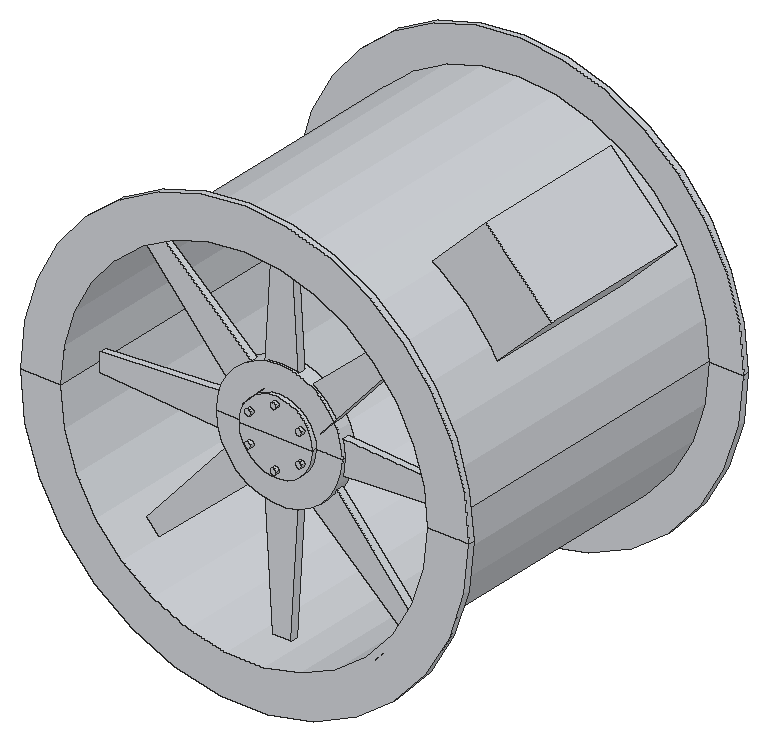
Revit family "CADS_Vent-Axia_MechEquip_Fan_LCA_315_3Ph2P - SUPPLY", category Mechanical Equipment, Revit 2020
Family settings
  Round Connector Dimension = Use Diameter
  Part Type = Normal
  OmniClass Number = 23.75.00.00
  OmniClass Title = Climate Control (HVAC)
  Work Plane-Based = No
  Always vertical = Yes
  Cut with Voids When Loaded = No
  Shared = No
  Room Calculation Point = No
Parameters (values of type "LCA313210")
  nr = NominalDiameter / 2  # 157.5 mm
  WorkingPressure = 0.0 Pa
  WarrantyStartDate [instance] = "1900-12-31T23:59:59"
  WarrantyPeriod = ""
  WarrantyIdentifier = "N/A"
  WarrantyGuarantorParts = "tech@vent-axia.com"
  WarrantyGuarantorLabor = "tech@vent-axia.com"
  WarrantyGuarantor = "Vent-Axia Limited"
  WarrantyEndDate [instance] = "1900-12-31T23:59:59"
  WarrantyContent = ""
  TemperatureRange = ""
  TagNumber [instance] = "N/A"
  SustainabilityPerformance = ""
  Status = "New"
  Size = ""
  Shape = ""
  ServiceLifeType = ""
  ServiceLifeDuration = ""
  SerialNumber [instance] = "N/A"
  ReplacementCost = ""
  RatedVoltage = 0 V
  RatedCurrent = 0 A
  Quantity = 1
  ProductionYear = ""
  PressureCurve = ""
  PowerFactor = ""
  PointOfContact = ""
  NumberOfPoles = 0
  NominalWidth = 315 mm
  NominalLength = 300 mm
  NominalHeight = 315 mm
  NominalFrequencyRange = ""
  NominalDiameter = 315 mm
  ModelReference = "LCAX 315mm 3PH 2P 10DEG"
  ModelNumber = "LCA313210"
  Material = ""
  ManufacturerE-Mail = "tech@vent-axia.com"
  ManufacturerAddress = "Fleming Way\nCrawley \nRH10 9YX"
  IsExtendedWarranty = no
  InsulationStandardClass = ""
  InstallationDate [instance] = "1900-12-31T23:59:59"
  IfcExportType [instance] = ""
  IfcExportAs = "IfcFanType"
  IP_Code = ""
  HasProtectiveEarth = no
  GrossWeight = 0.00 kg
  Grade = ""
  GlobalTradeItemNumber [instance] = "N/A"
  Fitting Type = "Ignore"
  Finish = ""
  Features = ""
  ExteriorInsulation = no
  ExpectedServiceLife = 0
  Exclusions = ""
  DurationUnit = "Year"
  Default Elevation = 0 mm
  Constituents = ""
  ConductorFunction = ""
  Color = ""
  CodePerformance = ""
  Category = ""
  CADS_Usage = 0
  CADS_Index = 0
  AssetType = "FIXED"
  AssetIdentifier [instance] = "N/A"
  AssemblyPlace = "UNKNOWN"
  ArticleNumber [instance] = "N/A"
  AirflowRateRange = 0.0 L/s
  Air Flow [instance] = 0.0 L/s
  AccessibilityPerformance = ""
Types (15, lengths in mm): name | ModelReference | ModelNumber
  LCA313210 | "LCAX 315mm 3PH 2P 10DEG" | "LCA313210"
  LCA313212 | "LCAX 315mm 3PH 2P 12DEG" | "LCA313212"
  LCA313214 | "LCAX 315mm 3PH 2P 14DEG" | "LCA313214"
  LCA313216 | "LCAX 315mm 3PH 2P 16DEG" | "LCA313216"
  LCA313218 | "LCAX 315mm 3PH 2P 18DEG" | "LCA313218"
  LCA313220 | "LCAX 315mm 3PH 2P 20DEG" | "LCA313220"
  LCA313222 | "LCAX 315mm 3PH 2P 22DEG" | "LCA313222"
  LCA313224 | "LCAX 315mm 3PH 2P 24DEG" | "LCA313224"
  LCA313226 | "LCAX 315mm 3PH 2P 26DEG" | "LCA313226"
  LCA313228 | "LCAX 315mm 3PH 2P 28DEG" | "LCA313228"
  LCA313230 | "LCAX 315mm 3PH 2P 30DEG" | "LCA313230"
  LCA313232 | "LCAX 315mm 3PH 2P 32DEG" | "LCA313232"
  LCA313234 | "LCAX 315mm 3PH 2P 34DEG" | "LCA313234"
  LCA313236 | "LCAX 315mm 3PH 2P 36DEG" | "LCA313236"
  LCA313238 | "LCAX 315mm 3PH 2P 38DEG" | "LCA313238"
Reference planes
  plane 1 "Center (Front/Back)": y = 0
  plane 2: z = 0
  plane 3 "Center (Left/Right)": x = 0
  plane 4: x = -157.5
  plane 5: x = 157.5
  plane 6 "F": y = -150
  plane 7 "B": y = 150
  plane 8: x = -192.5
  plane 9: y = 145
  plane 10: y = -145
  plane 11: x = -162.5
  plane 12: y = -110
  plane 13 "top": z = 157.5
  plane 14: z = -157.5
  plane 15 "45deg": through (0, -1524, 0) normal (-0.7071, 0, -0.7071)
  plane 16 "C": through (0, -1524, 0) normal (-0.7071, 0, 0.7071)
Forms (mm)
  Revolve 1, solid
    sketch origin (0, 0, 0) x (1, 0, 0) y (0, 1, 0)
      loop
        line (-192.5, -150) -> (-157.5, -150) -> (-157.5, 150) -> (-192.5, 150) -> (-192.5, 145) -> (-162.5, 145) -> (-162.5, -145) -> (-192.5, -145) -> (-192.5, -150)
      axis (0, 150) -> (0, -150)
    angle from 0 to 360
  Sweep 2, solid
    path origin (0, 0, 0) x (1, 0, 0) y (0, 0, 1)
      loop
        line (111.369, 111.369) -> (157.331, 157.331)
    profile origin (134.35, 0, 134.35) x (-0.707107, 0, 0.707107) y (0, -1, 0)
      loop
        line (37.5, 55) -> (-42.73, 55) -> (-42.73, -79.5) -> (37.5, -79.5) -> (37.5, 55)
Dimensions and locks
  equal spacing: plane 4, plane 3 "Center (Left/Right)", plane 5
  equal spacing: plane 7 "B", plane 1 "Center (Front/Back)", plane 6 "F"
  "NominalLength": plane 7 "B" to plane 6 "F"
  "NominalDiameter": plane 4 to plane 5
  locked: plane 11 to plane 4 at 5
  locked: plane 8 to plane 11 at 30
  locked: plane 6 "F" to plane 10 at 5
  locked: plane 7 "B" to plane 9 at 5
  locked: plane 6 "F" to plane 12 at 40
  equal spacing: plane 13 "top", level, plane 14
  "NominalDiameter": plane 13 "top" to plane 14
  "nr": Sweep 2 sketch curve to nested 13
  Sweep 2 sketch curve to Sweep 2 sketch curve = 65 mm
  aligned and locked: level to plane 2
  aligned and locked: nested 1 to plane 12
Automatic sketch dimensions
  plane 6 "F" to Revolve 1 sketch curve = 0 mm
  Revolve 1 sketch curve to plane 8 = 0 mm  (x2)
  plane 10 to Revolve 1 sketch curve = 0 mm
  Revolve 1 sketch curve to plane 11 = 0 mm
  Revolve 1 sketch curve to plane 4 = 0 mm
  Revolve 1 sketch curve to plane 3 "Center (Left/Right)" = 0 mm
  plane 1 "Center (Front/Back)" to Revolve 1 sketch curve = 0 mm
  Revolve 1 sketch curve to plane 9 = 0 mm
  Revolve 1 sketch curve to plane 7 "B" = 0 mm
  plane 6 "F" to Revolve 1 sketch curve = 115 mm
  plane 1 "Center (Front/Back)" to Sweep 2 sketch curve = 55 mm
  Sweep 2 sketch curve to profile plane = 37.5 mm
  Sweep 2 sketch curve to Sweep 2 sketch curve = 80.23 mm
  Sweep 2 sketch curve to Sweep 2 sketch curve = 134.5 mm
  Sweep 2 sketch curve to plane 16 "C" = 0 mm  (x2)
Nested families
  nested 1: "Fan for ESC" at (0, -110, 0), ND <- "NominalDiameter", type "Fan for ESC"
    with hub 31.5 mm, ND 315 mm, BoltPCD 25.2 mm, Bolt Count 6, B_Diam 5 mm
  nested 2: "Bolts" at (21.824, -119.172, -12.6) x (-0.5, 0, -0.866) z (0, 1, 0), type "Bolts"
    with bd 5 mm
  nested 3: "Bolts" at (0, -119.172, -25.2) x (-1, 0, 0) z (0, 1, 0), type "Bolts"
    with bd 5 mm
  nested 4: "Bolts" at (-21.824, -119.172, -12.6) x (-0.5, 0, 0.866) z (0, 1, 0), type "Bolts"
    with bd 5 mm
  nested 5: "Bolts" at (-21.824, -119.172, 12.6) x (0.5, 0, 0.866) z (0, 1, 0), type "Bolts"
    with bd 5 mm
  nested 6: "Bolts" at (21.824, -119.172, 12.6) x (0.5, 0, -0.866) z (0, 1, 0), type "Bolts"
    with bd 5 mm
  nested 7: "Bolts" at (0, -119.172, 25.2) x (1, 0, 0) z (0, 1, 0), type "Bolts"
    with bd 5 mm
  nested 8: "ESC Blade" at (0, -110, 0), type "ESC Blade"
    with a 20.00°, HR 31.5 mm, HD 63 mm, BT 15.75 mm, BR 126 mm, BH 40 mm, BD 315 mm, BB 31.5 mm
  nested 9: "ESC Blade" at (0, -110, 0) x (0.7071, 0, -0.7071) z (0.7071, 0, 0.7071), type "ESC Blade"
    with a 20.00°, HR 31.5 mm, HD 63 mm, BT 15.75 mm, BR 126 mm, BH 40 mm, BD 315 mm, BB 31.5 mm
  nested 10: "ESC Blade" at (0, -110, 0) x (0, 0, -1) z (1, 0, 0), type "ESC Blade"
    with a 20.00°, HR 31.5 mm, HD 63 mm, BT 15.75 mm, BR 126 mm, BH 40 mm, BD 315 mm, BB 31.5 mm
  nested 11: "ESC Blade" at (0, -110, 0) x (-0.7071, 0, -0.7071) z (0.7071, 0, -0.7071), type "ESC Blade"
    with a 20.00°, HR 31.5 mm, HD 63 mm, BT 15.75 mm, BR 126 mm, BH 40 mm, BD 315 mm, BB 31.5 mm
  nested 12: "ESC Blade" at (0, -110, 0) x (-1, 0, 0) z (0, 0, -1), type "ESC Blade"
    with a 20.00°, HR 31.5 mm, HD 63 mm, BT 15.75 mm, BR 126 mm, BH 40 mm, BD 315 mm, BB 31.5 mm
  nested 13: "ESC Blade" at (0, -110, 0) x (-0.7071, 0, -0.7071) z (-0.7071, 0, 0.7071), type "ESC Blade"
    with a 20.00°, HR 31.5 mm, HD 63 mm, BT 15.75 mm, BR 126 mm, BH 40 mm, BD 315 mm, BB 31.5 mm
  nested 14: "ESC Blade" at (0, -110, 0) x (0, 0, -1) z (-1, 0, 0), type "ESC Blade"
    with a 20.00°, HR 31.5 mm, HD 63 mm, BT 15.75 mm, BR 126 mm, BH 40 mm, BD 315 mm, BB 31.5 mm
  nested 15: "ESC Blade" at (0, -110, 0) x (0.7071, 0, -0.7071) z (-0.7071, 0, -0.7071), type "ESC Blade"
    with a 20.00°, HR 31.5 mm, HD 63 mm, BT 15.75 mm, BR 126 mm, BH 40 mm, BD 315 mm, BB 31.5 mm
Connectors
  hvac at (0, -150, 0), driven by "NominalDiameter", driven by "Air Flow"
    settings: on Revolve 1, index 1, duct flow 0.0 L/s, flow factor 0, pres drop 0.0 Pa, loss coef 0, conn angle 0.00°, conn width 304.8 mm, conn height 304.8 mm, conn diameter 315 mm, duct sys type 1, conn prof type 0, flow config 1, flow direction 1, loss method 0, conn ref index -1, conn util no, is conn primary yes, conn desc ""
  hvac at (0, 150, 0), driven by "NominalDiameter", driven by "Air Flow"
    settings: on Revolve 1, index 2, duct flow 0.0 L/s, flow factor 0, pres drop 0.0 Pa, loss coef 0, conn angle 0.00°, conn width 304.8 mm, conn height 304.8 mm, conn diameter 315 mm, duct sys type 1, conn prof type 0, flow config 0, flow direction 2, loss method 0, conn ref index -1, conn util no, is conn primary no, conn desc ""
Definition of nested family "Fan for ESC"
  Parameters (values of type "Fan for ESC")
    hub [instance] = ND / 10  # 56.7 mm
    ND [instance] = 567 mm
    Model = "."
    Default Elevation = 0 mm
    BoltPCD [instance] = hub - (hub * 0.2)  # 45.36 mm
    Bolt Count [instance] = if(hub < 50 mm, 6, 8)  # 8
    B_Diam [instance] = if(hub < 50 mm, 5 mm, 10 mm)  # 10 mm
  Reference planes
    plane 1 "Center (Front/Back)": y = 0
    plane 2: z = 0
    plane 3 "Center (Left/Right)": x = 0
    plane 4 "back": y = 20
    plane 5 "bolts": y = -9.172
    plane 6 "B": z = 56.7
    plane 7: x = -79.287
    plane 8: x = -56.7
    plane 9 "hubface": y = -6.172
  Forms (mm)
    Revolve 1, solid
      sketch origin (0, 0, 0) x (1, 0, 0) y (0, 1, 0)
        loop
          line (0, 20) -> (-56.7, 20) -> (-56.7, 10.504) -> (-79.287, 10.504) -> (-79.287, -2.597) -> (-56.7, -2.597) -> (-56.7, -6.172) -> (0, -6.172) -> (0, 20)
        axis (0, 20) -> (0, -6.172)
      angle from 0 to 360
    Extrusion 2, solid, not visible
      sketch origin (0, -6.347, -4) x (-1, 0, 0) y (0, 0, 1)
        loop
          circle (0, 84) r 5
      from 0 to 3
  Lines and regions (mm)
    symbolic lines
      curve 1: circle (0, -9.172, 0) r 45.36 normal (0, 1, 0)
    model lines, not visible
      curve 2: line (0, -6.347, 85) -> (0, -6.347, 75)
  Dimensions and locks
    "hub": plane 6 "B" to plane 2
    "hub": nested 3 to plane 3 "Center (Left/Right)"
    "hub": nested 4 to plane 3 "Center (Left/Right)"
    "hub": nested 5 to plane 3 "Center (Left/Right)"
    "hub": plane 3 "Center (Left/Right)" to nested 6
    "hub": Revolve 1 sketch curve to Revolve 1 sketch curve
    "hub": plane 3 "Center (Left/Right)" to nested 7
    "hub": plane 3 "Center (Left/Right)" to nested 8
    "hub": plane 3 "Center (Left/Right)" to nested 9
    "hub": plane 8 to plane 3 "Center (Left/Right)"
    plane 7 to plane 8 = 22.587 mm
    diameter of Extrusion 2 sketch curve = 10 mm
    "BoltPCD": radius of curve 1
    "BoltPCD": radius of radial array
    aligned and locked: level to plane 2
    aligned and locked: plane 6 "B" to nested 1
  Automatic sketch dimensions
    Revolve 1 sketch curve to plane 7 = 0 mm
    Revolve 1 sketch curve to plane 8 = 0 mm  (x2)
    Revolve 1 sketch curve to plane 3 "Center (Left/Right)" = 0 mm
    Revolve 1 sketch curve to plane 9 "hubface" = 0 mm
    plane 4 "back" to Revolve 1 sketch curve = 0 mm
    plane 1 "Center (Front/Back)" to Revolve 1 sketch curve = 2.597 mm
    plane 4 "back" to Revolve 1 sketch curve = 9.496 mm
    Revolve 1 sketch curve to Revolve 1 sketch curve = 5 mm
    Revolve 1 sketch curve to plane 4 "back" = 45 mm
    curve 1 to level = 0 mm
    curve 1 to plane 3 "Center (Left/Right)" = 0 mm
  Nested families
    nested 1: "ESC Blade" at (0, 0, 0), BD <- "ND", HD <- "hub", type "ESC Blade"
      with a 20.00°, HR 56.7 mm, HD 113.4 mm, BT 28.35 mm, BR 226.8 mm, BH 40 mm, BD 567 mm, BB 56.7 mm
    nested 2: "ESC Blade" at (0, 0, 755), BD <- "ND", HD <- "hub", type "ESC Blade", not visible
      with a 20.00°, HR 56.7 mm, HD 113.4 mm, BT 28.35 mm, BR 226.8 mm, BH 40 mm, BD 567 mm, BB 56.7 mm
    nested 3: "ESC Blade" at (0, 0, 0) x (0.7071, 0, -0.7071) z (0.7071, 0, 0.7071), BD <- "ND", HD <- "hub", type "ESC Blade"
      with a 20.00°, HR 56.7 mm, HD 113.4 mm, BT 28.35 mm, BR 226.8 mm, BH 40 mm, BD 567 mm, BB 56.7 mm
    nested 4: "ESC Blade" at (0, 0, 0) x (0, 0, -1) z (1, 0, 0), BD <- "ND", HD <- "hub", type "ESC Blade"
      with a 20.00°, HR 56.7 mm, HD 113.4 mm, BT 28.35 mm, BR 226.8 mm, BH 40 mm, BD 567 mm, BB 56.7 mm
    nested 5: "ESC Blade" at (0, 0, 0) x (-0.7071, 0, -0.7071) z (0.7071, 0, -0.7071), BD <- "ND", HD <- "hub", type "ESC Blade"
      with a 20.00°, HR 56.7 mm, HD 113.4 mm, BT 28.35 mm, BR 226.8 mm, BH 40 mm, BD 567 mm, BB 56.7 mm
    nested 6: "ESC Blade" at (0, 0, 0) x (-1, 0, 0) z (0, 0, -1), BD <- "ND", HD <- "hub", type "ESC Blade"
      with a 20.00°, HR 56.7 mm, HD 113.4 mm, BT 28.35 mm, BR 226.8 mm, BH 40 mm, BD 567 mm, BB 56.7 mm
    nested 7: "ESC Blade" at (0, 0, 0) x (-0.7071, 0, -0.7071) z (-0.7071, 0, 0.7071), BD <- "ND", HD <- "hub", type "ESC Blade"
      with a 20.00°, HR 56.7 mm, HD 113.4 mm, BT 28.35 mm, BR 226.8 mm, BH 40 mm, BD 567 mm, BB 56.7 mm
    nested 8: "ESC Blade" at (0, 0, 0) x (0, 0, -1) z (-1, 0, 0), BD <- "ND", HD <- "hub", type "ESC Blade"
      with a 20.00°, HR 56.7 mm, HD 113.4 mm, BT 28.35 mm, BR 226.8 mm, BH 40 mm, BD 567 mm, BB 56.7 mm
    nested 9: "ESC Blade" at (0, 0, 0) x (0.7071, 0, -0.7071) z (-0.7071, 0, -0.7071), BD <- "ND", HD <- "hub", type "ESC Blade"
      with a 20.00°, HR 56.7 mm, HD 113.4 mm, BT 28.35 mm, BR 226.8 mm, BH 40 mm, BD 567 mm, BB 56.7 mm
    nested 10: "Bolts" at (0, -9.172, 45.36) x (1, 0, 0) z (0, 1, 0), bd <- "B_Diam", type "Bolts"
      with bd 10 mm
    nested 11: "Bolts" at (32.074, -9.172, 32.074) x (0.7071, 0, -0.7071) z (0, 1, 0), bd <- "B_Diam", type "Bolts"
      with bd 10 mm
    nested 12: "Bolts" at (-32.074, -9.172, 32.074) x (0.7071, 0, 0.7071) z (0, 1, 0), bd <- "B_Diam", type "Bolts"
      with bd 10 mm
    nested 13: "Bolts" at (-45.36, -9.172, 0) x (0, 0, 1) z (0, 1, 0), bd <- "B_Diam", type "Bolts"
      with bd 10 mm
    nested 14: "Bolts" at (-32.074, -9.172, -32.074) x (-0.7071, 0, 0.7071) z (0, 1, 0), bd <- "B_Diam", type "Bolts"
      with bd 10 mm
    nested 15: "Bolts" at (0, -9.172, -45.36) x (-1, 0, 0) z (0, 1, 0), bd <- "B_Diam", type "Bolts"
      with bd 10 mm
    nested 16: "Bolts" at (32.074, -9.172, -32.074) x (-0.7071, 0, -0.7071) z (0, 1, 0), bd <- "B_Diam", type "Bolts"
      with bd 10 mm
    nested 17: "Bolts" at (45.36, -9.172, 0) x (0, 0, -1) z (0, 1, 0), bd <- "B_Diam", type "Bolts"
      with bd 10 mm
  Definition of nested family "ESC Blade"
    Parameters (values of type "ESC Blade")
      a [instance] = 20.00°
      HR [instance] = HD / 2  # 30 mm
      HD [instance] = BD / 5  # 60 mm
      Default Elevation = 1219.2 mm
      BT [instance] = BD / 20  # 15 mm
      BR [instance] = (BD / 2) - HR  # 120 mm
      BH [instance] = 40 mm
      BD [instance] = 300 mm
      BB [instance] = BD / 10  # 30 mm
    Reference planes
      plane 1 "Center (Front/Back)": y = 0
      plane 2: z = 0
      plane 3 "Center (Left/Right)": x = 0
      plane 4 "Blade Bot": z = 30
      plane 5: x = -15
      plane 6: x = 15
      plane 7: x = -7.5
      plane 8: x = 7.5
    Forms (mm)
      Blend 1, solid
        base sketch origin (0, 0, 30) x (-1, 0, 0) y (0, -1, 0)
          loop
            line (15, 0) -> (-15, 0) -> (-15, -6) -> (15, -6) -> (15, 0)
        top sketch origin (0, 0, 30) x (-1, 0, 0) y (0, -1, 0)
          loop
            line (7.5, -6) -> (7.5, 0) -> (-7.5, 0) -> (-7.5, -6) -> (7.5, -6)
        from 0 to 120 <- "BR"
    Dimensions and locks
      "HR": plane 4 "Blade Bot" to level
      equal spacing: plane 8, plane 3 "Center (Left/Right)", plane 7
      "BT": plane 8 to plane 7
      equal spacing: plane 6, plane 3 "Center (Left/Right)", plane 5
      "BB": plane 6 to plane 5
      aligned and locked: level to plane 2
    Automatic sketch dimensions
      plane 1 "Center (Front/Back)" to Blend 1 sketch curve = 0 mm  (x2)
      Blend 1 sketch curve to plane 6 = 0 mm
      Blend 1 sketch curve to plane 5 = 0 mm
      Blend 1 sketch curve to plane 1 "Center (Front/Back)" = 6 mm  (x2)
      Blend 1 sketch curve to plane 8 = 0 mm
      Blend 1 sketch curve to plane 7 = 0 mm
  Definition of nested family "Bolts"
    Parameters
      bd [instance] = 10 mm
      Default Elevation = 1219.2 mm
    Reference planes
      plane 1 "Center (Front/Back)": y = 0
      plane 2: z = 0
      plane 3 "Center (Left/Right)": x = 0
    Forms (mm)
      Extrusion 1, solid
        sketch origin (0, 0, 0) x (1, 0, 0) y (0, 1, 0)
          loop
            line (-1219.2, 1219.2) -> (-1219.2, -1219.2) -> (1219.2, -1219.2) -> (1219.2, 1219.2) -> (-1219.2, 1219.2)
        from 0 to -304.8
      Extrusion 2, solid
        sketch origin (0, 0, 0) x (1, 0, 0) y (0, 1, 0)
          loop
            circle (0, 0) r 5
        from 0 to 3
    Dimensions and locks
      "bd": diameter of Extrusion 2 sketch curve
      aligned and locked: plane 2 to Extrusion 1
      aligned and locked: level to Extrusion 1
    Automatic sketch dimensions
      Extrusion 1 sketch curve to Extrusion 1 sketch curve = 2438.4 mm  (x2)
      plane 1 "Center (Front/Back)" to Extrusion 2 sketch curve = 0 mm
      Extrusion 2 sketch curve to plane 3 "Center (Left/Right)" = 0 mm
Definition of nested family "Bolts"
  Parameters
    bd [instance] = 10 mm
    Default Elevation = 1219.2 mm
  Reference planes
    plane 1 "Center (Front/Back)": y = 0
    plane 2: z = 0
    plane 3 "Center (Left/Right)": x = 0
  Forms (mm)
    Extrusion 1, solid
      sketch origin (0, 0, 0) x (1, 0, 0) y (0, 1, 0)
        loop
          line (-1219.2, 1219.2) -> (-1219.2, -1219.2) -> (1219.2, -1219.2) -> (1219.2, 1219.2) -> (-1219.2, 1219.2)
      from 0 to -304.8
    Extrusion 2, solid
      sketch origin (0, 0, 0) x (1, 0, 0) y (0, 1, 0)
        loop
          circle (0, 0) r 5
      from 0 to 3
  Dimensions and locks
    "bd": diameter of Extrusion 2 sketch curve
    aligned and locked: plane 2 to Extrusion 1
    aligned and locked: level to Extrusion 1
  Automatic sketch dimensions
    Extrusion 1 sketch curve to Extrusion 1 sketch curve = 2438.4 mm  (x2)
    plane 1 "Center (Front/Back)" to Extrusion 2 sketch curve = 0 mm
    Extrusion 2 sketch curve to plane 3 "Center (Left/Right)" = 0 mm
Definition of nested family "ESC Blade"
  Parameters (values of type "ESC Blade")
    a [instance] = 20.00°
    HR [instance] = HD / 2  # 30 mm
    HD [instance] = BD / 5  # 60 mm
    Default Elevation = 1219.2 mm
    BT [instance] = BD / 20  # 15 mm
    BR [instance] = (BD / 2) - HR  # 120 mm
    BH [instance] = 40 mm
    BD [instance] = 300 mm
    BB [instance] = BD / 10  # 30 mm
  Reference planes
    plane 1 "Center (Front/Back)": y = 0
    plane 2: z = 0
    plane 3 "Center (Left/Right)": x = 0
    plane 4 "Blade Bot": z = 30
    plane 5: x = -15
    plane 6: x = 15
    plane 7: x = -7.5
    plane 8: x = 7.5
  Forms (mm)
    Blend 1, solid
      base sketch origin (0, 0, 30) x (-1, 0, 0) y (0, -1, 0)
        loop
          line (15, 0) -> (-15, 0) -> (-15, -6) -> (15, -6) -> (15, 0)
      top sketch origin (0, 0, 30) x (-1, 0, 0) y (0, -1, 0)
        loop
          line (7.5, -6) -> (7.5, 0) -> (-7.5, 0) -> (-7.5, -6) -> (7.5, -6)
      from 0 to 120 <- "BR"
  Dimensions and locks
    "HR": plane 4 "Blade Bot" to level
    equal spacing: plane 8, plane 3 "Center (Left/Right)", plane 7
    "BT": plane 8 to plane 7
    equal spacing: plane 6, plane 3 "Center (Left/Right)", plane 5
    "BB": plane 6 to plane 5
    aligned and locked: level to plane 2
  Automatic sketch dimensions
    plane 1 "Center (Front/Back)" to Blend 1 sketch curve = 0 mm  (x2)
    Blend 1 sketch curve to plane 6 = 0 mm
    Blend 1 sketch curve to plane 5 = 0 mm
    Blend 1 sketch curve to plane 1 "Center (Front/Back)" = 6 mm  (x2)
    Blend 1 sketch curve to plane 8 = 0 mm
    Blend 1 sketch curve to plane 7 = 0 mm
